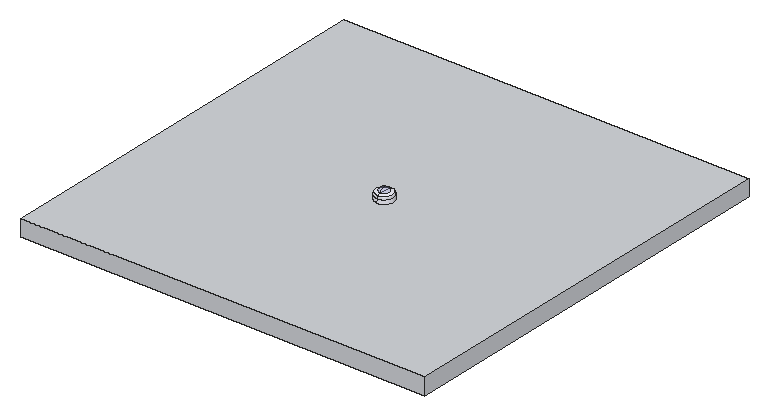
Revit family "BL4-C-AP Avec hôte", category Dispositifs d'éclairage, Revit 2019
Family settings
  Hôte = Face
  Conserver l'orientation des annotations = Oui
  Cote de connecteur circulaire = Utiliser le diamètre
  Type d'élément = Normal
  Couper avec des vides une fois chargée = Non
  Partagée = Non
  Point de calcul de pièce = Non
Parameters (values of type "BL4-C-AP réf 93284")
  zone detection 2800 [instance] = Position en hauteur < 280.1 cm  # yes
  Zone de detection [instance] = no
  URL = "http://www.luxomat.com"
  Type de Sortie = "TOR"
  Température ambiante = "-25°C à +50°C"
  Référence = "93284+93183"
  Relais = "4.3 A"
  Position en hauteur [instance] = 250 cm
  Portée frontale 360° [instance] = 640 cm  # constant formula
  Portée frontale 180° [instance] = 1600 cm  # constant formula
  Portée de biais [instance] = 3200 cm  # constant formula
  Modèle = "BL4-C-AP"
  Mode de pose = "Saillie"
  Marque = "LUXOMAT"
  Image du type = COULOIR.jpg
  IP = "20"
  Hauteur de montage max préconisée [instance] = Hauteur de montage max  # 280 cm
  Hauteur de montage max = 280 cm
  Fabricant = "B.E.G."
  Etiquette [instance] = yes
  Default Elevation = 0 cm
  Consommation = "0.3 W"
  Commentaires du type = "DET.MOUV.SPECIAL COULOIR.1 CONTACT.180/360°/2x8M APPARENT"
  Code d'assemblage = "D5010200"
  Classe = "II"
  Charge LED = "200 W"
  Charge Cos ɸ =1 = "1000 W"
  Charge Cos ɸ =0.5 = "500 VA"
  Alimentation = "110-240 V AC"
Reference planes (cm)
  plane 1 "Centre (avant/arrière)": y = 0
  plane 2: z = 0
  plane 3 "Centre (gauche/droite)": x = 0
Forms (cm)
  Extrusion 1, solid
    sketch origin (0, 0, 0) x (1, 0, 0) y (0, 1, 0)
      loop
        line (-121.92, 121.92) -> (-121.92, -121.92) -> (121.92, -121.92) -> (121.92, 121.92) -> (-121.92, 121.92)
    from 0 to -10
Dimensions and locks (cm)
  aligned and locked: plane 2 to Extrusion 1
  aligned and locked: level to Extrusion 1
  aligned and locked: plane 3 "Centre (gauche/droite)" to nested 3
  aligned and locked: plane 1 "Centre (avant/arrière)" to nested 3
  aligned and locked: nested 4 to plane 3 "Centre (gauche/droite)"
  aligned and locked: nested 4 to plane 1 "Centre (avant/arrière)"
Nested families (cm)
  nested 1: "Famille1" at (0.5717, 62.06, 0) x (-1, 0, 0) z (0, 0, 1), modele <- "Modèle", visible <- "Etiquette", référence <- "Référence", type "Famille1"
    with référence "93284+93183", modele "BL4-C-AP"
  nested 2: "Symbole plafond 2D couloir" at (0, 0.102, 0), type "Symbole plafond 2D couloir"
  nested 3: "Modèle BL4 AP" at (0, 0, 0), type "Standard"
  nested 4: "Zone BL4 C" at (0, 0, 0), visible <- "Zone de detection", zone 2800 <- "zone detection 2800", type "Zone BL4 C"
    with zone 2800 yes, frontale 360° 640 cm, frontale 180° 1600 cm, biais 3200 cm
Connectors (cm)
  electrical at (0, 0, 0)
    settings: index 1, voltage 230 V, apparent load 0 VA, apparent load phase1 0 VA, apparent load phase2 0 VA, apparent load phase3 0 VA, power factor 1, load classification "Eclairage", number of poles 1, system type 31, power factor state 1, is connector primary yes, connector utility no, sub classification motor no, connector description ""
Definition of nested family "Modèle BL4 AP"
  Parameters (values of type "Standard")
    d98 = 0 cm
    d312 = 0 cm
    d106 = 0 cm
  Reference planes (cm)
    plane 1 "Centre (avant/arrière)": y = 0
    plane 2: z = 0
    plane 3 "Centre (gauche/droite)": x = 0
    plane 4: x = 0
  Forms (cm)
    Revolve 1, solid
      sketch origin (0, 0, 2.4) x (0, -1, 0) y (0, 0, 1)
        loop
          line (0, 1.7) -> (-3.2, 1.7) -> (-4.9984, 1.3031)
          arc (-4.9984, 1.3031) -> (-5.2031, 0.6676) -> (-5.2, 0) r 2.12
          line (-5.2, 0) -> (0, 0) -> (0, 1.7)
        axis (0, 1.7) -> (0, 0)
      angle from 0 to 360
    Revolve 2, solid
      sketch origin (0, 0, 3.3) x (0, -1, 0) y (0, 0, 1)
        loop
          arc (0, 3) -> (-1.9416, 2.3969) -> (-3.2, 0.8) r 3.4273
          line (-3.2, 0.8) -> (0, 0.8) -> (0, 3)
        axis (0, 0.8) -> (0, 3)
      angle from 0 to 360
    Extrusion 3, solid
      sketch origin (0, 4.85, 1.6) x (1, 0, 0) y (0, -1, 0)
        loop
          arc (1.1876, 2.75) -> (2.3963, 4.7797) -> (1.4632, 6.95) r 2.6
          line (1.4632, 6.95) -> (-1.4632, 6.95)
          arc (-1.4632, 6.95) -> (-2.3963, 4.7797) -> (-1.1876, 2.75) r 2.6
          line (-1.1876, 2.75) -> (1.1876, 2.75)
      from -0.8 to 1.5
    Revolve 4, solid
      sketch origin (0, 0, 2.4) x (0, 1, 0) y (0, 0, 1)
        loop
          line (0, -2.3) -> (-2.1, -2.3) -> (-2.1, 0) -> (-5.2, 0) -> (-5.3562, -2.4) -> (0, -2.4) -> (0, -2.3)
        axis (0, 0) -> (0, -2.4)
      angle from 0 to 360
    Revolve 5, solid, not visible
      sketch origin (0, 0, 0) x (0, -1, 0) y (0, 0, 1)
        loop
          line (0, 1.7) -> (-3.2, 1.7) -> (-4.9984, 1.3031)
          arc (-4.9984, 1.3031) -> (-5.2031, 0.6676) -> (-5.2, 0) r 2.12
          line (-5.2, 0) -> (0, 0) -> (0, 1.7)
        axis (0, 1.7) -> (0, 0)
      angle from 0 to 360
    Revolve 6, solid, not visible
      sketch origin (0, 0, 0.9) x (0, -1, 0) y (0, 0, 1)
        loop
          arc (0, 3) -> (-1.9416, 2.3969) -> (-3.2, 0.8) r 3.4273
          line (-3.2, 0.8) -> (0, 0.8) -> (0, 3)
        axis (0, 0.8) -> (0, 3)
      angle from 0 to 360
    Extrusion 7, solid, not visible
      sketch origin (0, 4.85, -0.8) x (1, 0, 0) y (0, -1, 0)
        loop
          arc (1.1876, 2.75) -> (2.3963, 4.7797) -> (1.4632, 6.95) r 2.6
          line (1.4632, 6.95) -> (-1.4632, 6.95)
          arc (-1.4632, 6.95) -> (-2.3963, 4.7797) -> (-1.1876, 2.75) r 2.6
          line (-1.1876, 2.75) -> (1.1876, 2.75)
      from -0.8 to 1.5
    Revolve 8, solid, not visible
      sketch origin (0, 0, 0) x (0, 1, 0) y (0, 0, 1)
        loop
          line (0, -2.3) -> (-2.1, -2.3) -> (-2.1, 0) -> (-5.2, 0) -> (-5.3562, -2.4) -> (0, -2.4) -> (0, -2.3)
        axis (0, 0) -> (0, -2.4)
      angle from 0 to 360
  Lines and regions (cm)
    reference lines
      curve 1: line (0, 0, 2.4) -> (0, 4.85, 2.4)
      curve 2: line (0, 0, 5.4) -> (0, 0, 3.2)
      curve 3: circle (0, 0, 2.4) r 3.2 normal (0, 0, -1)
      curve 4: line (0.1, 2.1, -2.2) -> (-0.7, 2.1, -2.2)
    reference lines, not visible
      curve 5: line (0, 0, 0) -> (0, 4.85, 0)
      curve 6: line (0, 0, 3) -> (0, 0, 0.8)
      curve 7: circle (0, 0, 0) r 3.2 normal (0, 0, -1)
      curve 8: line (0.1, 2.1, -4.6) -> (-0.7, 2.1, -4.6)
  Dimensions and locks (cm)
    aligned and locked: level to plane 2
    aligned and locked: Revolve 1 sketch curve to curve 1
    aligned and locked: Revolve 2 sketch curve to curve 2
    aligned and locked: Revolve 5 sketch curve to curve 5
    aligned and locked: Revolve 6 sketch curve to curve 6
Definition of nested family "Famille1"
  Parameters (values of type "Famille1")
    référence [instance] = ""
    modele [instance] = ""
  Reference planes (cm)
    plane 1: y = 0
    plane 2: x = 0
  Text (cm)
    label "référence\nmodele" at (0.0074, 0.0451, 0), shows "référence", "modele"
Definition of nested family "Symbole plafond 2D couloir"
  Reference planes (cm)
    plane 1: y = 0
    plane 2: x = 0
  Lines and regions (cm)
    Filled region 1, type "rouge"
      outline origin (0, 0, 0) x (1, 0, 0) y (0, 1, 0)
        loop
          circle (0, 0) r 0.0294
    detail lines
      curve 1: arc (-0.0294, 0, 0) -> (0, -0.0294, 0) -> (0.0294, 0, 0) r 0.0294
      curve 2: arc (0.0294, 0, 0) -> (0, 0.0294, 0) -> (-0.0294, 0, 0) r 0.0294
      curve 3: arc (-0.1768, 0.102, 0) -> (-0.2041, 0, 0) -> (-0.1768, -0.102, 0) r 0.204
      curve 4: arc (0.1766, -0.102, 0) -> (0.2039, 0, 0) -> (0.1766, 0.102, 0) r 0.204
      curve 5: arc (-0.1404, 0.081, 0) -> (-0.1621, 0, 0) -> (-0.1404, -0.081, 0) r 0.162
      curve 6: arc (0.1402, -0.081, 0) -> (0.1619, 0, 0) -> (0.1402, 0.081, 0) r 0.162
      curve 7: arc (-0.104, 0.06, 0) -> (-0.1201, 0, 0) -> (-0.104, -0.06, 0) r 0.12
      curve 8: arc (0.1038, -0.06, 0) -> (0.1199, 0, 0) -> (0.1038, 0.06, 0) r 0.12
Definition of nested family "Zone BL4 C"
  Parameters (values of type "Zone BL4 C")
    zone 2800 [instance] = yes
    frontale 360° [instance] = 640 cm
    frontale 180° [instance] = 1600 cm
    biais [instance] = 3200 cm
  Reference planes (cm)
    plane 1 "Centre (avant/arrière)": y = 0
    plane 2: z = 0
    plane 3 "Centre (gauche/droite)": x = 0
    plane 4: x = 800
    plane 5: x = -800
    plane 6: y = 150
    plane 7: y = -150
    plane 8 "Centre (avant/arrière)": y = 0
    plane 9 "Centre (gauche/droite)": x = 0
    plane 10 "Centre (avant/arrière)": y = 0
    plane 11 "Centre (gauche/droite)": x = 0
  Lines and regions (cm)
    detail lines, in view "Niveau de réf.", visible <- "zone 2800"
      curve 1: line (628.4735, 0, 0) -> (545.5285, 0, 0)
      curve 2: line (545.5285, 0, 0) -> (573.8969, -22.1638, 0)
      curve 3: line (545.5285, 0, 0) -> (573.8969, 22.1638, 0)
      curve 4: line (0, -303.6554, 0) -> (0, -220.7104, 0)
      curve 5: line (0, -220.7104, 0) -> (-22.1638, -249.0788, 0)
      curve 6: line (0, -220.7104, 0) -> (22.1638, -249.0788, 0)
      curve 13: arc (-282.6659, 150, 0) -> (0, 320, 0) -> (282.6659, 150, 0) r 320
      curve 14: arc (-282.6659, -150, 0) -> (0, -320, 0) -> (282.6659, -150, 0) r 320
      curve 15: spline (282.6659, 150, 0) -> (416.5618, 144.8889, 0) -> (541.3329, 129.9038, 0) -> (648.4763, 106.066, 0) -> (730.6904, 75, 0) -> (782.3723, 38.8229, 0) -> (800, 0, 0) -> (782.3723, -38.8229, 0) -> (730.6904, -75, 0) -> (648.4763, -106.066, 0) -> (541.3329, -129.9038, 0) -> (416.5618, -144.8889, 0) -> (282.6659, -150, 0)
      curve 16: spline (-282.6659, 150, 0) -> (-416.5618, 144.8889, 0) -> (-541.3329, 129.9038, 0) -> (-648.4763, 106.066, 0) -> (-730.6904, 75, 0) -> (-782.3723, 38.8229, 0) -> (-800, 0, 0) -> (-782.3723, -38.8229, 0) -> (-730.6904, -75, 0) -> (-648.4763, -106.066, 0) -> (-541.3329, -129.9038, 0) -> (-416.5618, -144.8889, 0) -> (-282.6659, -150, 0)
    detail lines, in view "Niveau de réf.", visible <- "zone 2800", not visible
      curve 7: line (628.0656, -64.277, 0) -> (628.0656, 18.6681, 0)
      curve 8: line (628.0656, 18.6681, 0) -> (605.9018, -9.7003, 0)
      curve 9: line (628.0656, 18.6681, 0) -> (650.2294, -9.7003, 0)
      curve 10: line (628.0656, -64.277, 0) -> (628.0656, 18.6681, 0)
      curve 11: line (628.0656, 18.6681, 0) -> (605.9018, -9.7003, 0)
      curve 12: line (628.0656, 18.6681, 0) -> (650.2294, -9.7003, 0)
  Dimensions and locks (cm)
    aligned and locked: curve 4 to plane 11 "Centre (gauche/droite)"
    aligned and locked: curve 1 to plane 10 "Centre (avant/arrière)"
